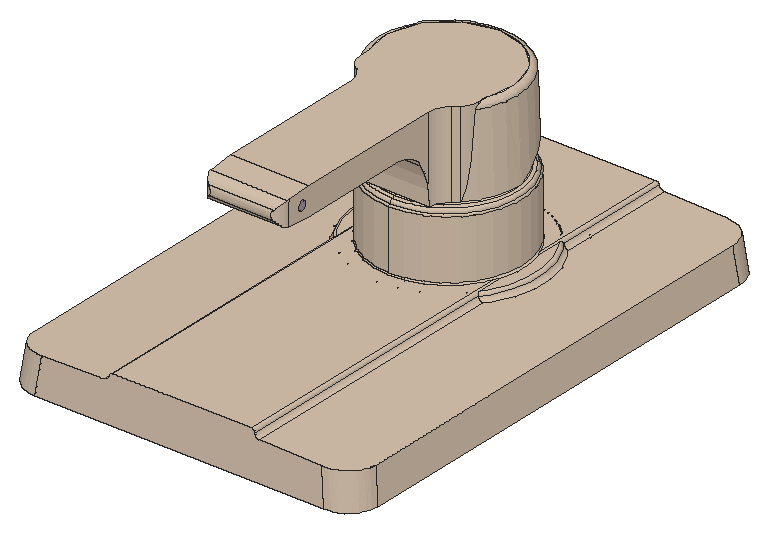
Revit family "Shower-Valve_Trim-KOHLER-Singulier-K-10880IN", category Specialty Equipment, host Face, Revit 2017
Family settings
  Host = Face
  Round Connector Dimension = Use Diameter
  Part Type = Normal
  OmniClass Number = 23.31.25.00
  OmniClass Title = Toilet and Bath Specialties
  Cut with Voids When Loaded = No
  Shared = No
  Room Calculation Point = No
Parameters (values of type "AF- French Gold")
  Width = 4 145/256"  # constant formula
  WaterSense Certified = 1 = 0  # no
  URL = "https://www.kohler.co.in/"
  Type = 1
  Product Page URL = "https://www.kohler.co.in/product-detail/10880in-4?skuid=K-10880IN-4-AF"
  Product Name = "Singulier\r\n"  # constant formula
  Product Documentation Link = ""
  Model = if(Type = 1, "K-10880IN-4-AF", if(Type = 2, "K-10880IN-4FP-CP", if(Type = 3, "K-10880IN-4FP-AF", "NA")))  # "K-10880IN-4-AF"
  Material = "Primium metal construction"  # constant formula
  Master Format 2014 Name = "Toilet, Bath, and Laundry Accessories"  # constant formula
  Master Format 2014 = "10 28 00"  # constant formula
  Manufacturer Address = "Ambience Office Tower NH-8 Gurgaon / Gurugram Haryana , 122001\r\n"  # constant formula
  Manufacturer = "KOHLER Co."  # constant formula
  Length = 2 167/256"  # constant formula
  Height = 6 177/256"  # constant formula
  Finish = Kohler-Metal-AF-Vibrant_French_Gold
  Environmental Product Declaration = ""
  Description = "Shower Only Trim"  # constant formula
  Default Elevation = 42"
  Declare Label = ""
  Date Modified = "03/12/2021"  # constant formula
  Date Created = "03/12/2021"  # constant formula
  Copyright = "Copyright KOHLER Co."  # constant formula
  Contact Us = "https://www.kohler.co.in/contact-us"
  Assembly Code = "C1030200"
  ADA Compliant = 1 = 0  # no
Types (4): name | Type | Product Page URL | Model | Finish
  (no name) | 1 | "https://www.kohler.co.in/product-detail/10880in-4?skuid=K-10880IN-4-AF" | "K-10880IN-4-AF" | Kohler-Metal-AF-Vibrant_French_Gold
  AF- French Gold | 1 | "https://www.kohler.co.in/product-detail/10880in-4?skuid=K-10880IN-4-AF" | "K-10880IN-4-AF" | Kohler-Metal-AF-Vibrant_French_Gold
  4FP, CP- Polished Chrome | 2 | "" | "K-10880IN-4FP-CP" | Kohler-Metal-CP-Polished_Chrome
  4FP, AF- French Gold | 3 | "" | "K-10880IN-4FP-AF" | Kohler-Metal-AF-Vibrant_French_Gold
Reference planes (in)
  plane 1 "Center (Front/Back)": y = 0
  plane 2: z = 0
  plane 3 "Center (Left/Right)": x = 0
  plane 4: y = 3.3457
  plane 5: y = -3.3457
  plane 6: x = -2.2832
  plane 7: x = 2.2832
  plane 8: z = 2.65234
  plane 9: y = 1.04331
  plane 10: y = -2.34252
Dimensions and locks (in)
  "Height": plane 5 to plane 4
  "Width": plane 6 to plane 7
  equal spacing: plane 5, plane 1 "Center (Front/Back)", plane 4
  equal spacing: plane 6, plane 3 "Center (Left/Right)", plane 7
  "Length": level to plane 8
  plane 9 to plane 10 = 3.38583"
  aligned and locked: plane 2 to host face
  aligned and locked: level to host face
  aligned and locked: plane 4 to nested 1
  aligned and locked: plane 5 to nested 1
  aligned and locked: plane 6 to nested 1
  aligned and locked: plane 7 to nested 1
  aligned and locked: plane 8 to nested 1
  aligned and locked: plane 9 to nested 1
  aligned and locked: plane 10 to nested 1
Automatic sketch dimensions
  host sketch curve to host sketch curve = 96"  (x2)
Nested families (in)
  nested 1: "K-10880IN" at (0.00026, -0.00075, -0.00107), type "K-10880IN"
Definition of nested family "K-10880IN"
  Parameters (values of type "K-10880IN")
    Material = none
  Reference planes (in)
    plane 1 "Center (Front/Back)": y = 0
    plane 2: z = 0
    plane 3 "Center (Left/Right)": x = 0
    plane 4: y = 3.34646
    plane 5: y = -3.34646
    plane 6: x = -2.28346
    plane 7: x = 2.28346
    plane 8 "1": y = 1.04331
    plane 9: z = 2.65341
    plane 10: y = -2.34252
  Forms (in)
    SweptBlend 1, solid, material <- "Material", detail levels medium+fine
      path origin (0, 0, 0) x (1, 0, 0) y (0, 0, 1)
        loop
          line (0, 0) -> (0, 0.59055)
      profile origin (0, 0, 0) x (-1, 0, 0) y (0, -1, 0)
        loop
          arc (1.88976, -3.34646) -> (2.16815, -3.23114) -> (2.28346, -2.95276) r 0.3937
          line (2.28346, -2.95276) -> (2.28346, 2.95276)
          arc (2.28346, 2.95276) -> (2.16815, 3.23114) -> (1.88976, 3.34646) r 0.3937
          line (1.88976, 3.34646) -> (-1.88976, 3.34646)
          arc (-1.88976, 3.34646) -> (-2.16815, 3.23114) -> (-2.28346, 2.95276) r 0.3937
          line (-2.28346, 2.95276) -> (-2.28346, -2.95276)
          arc (-2.28346, -2.95276) -> (-2.16815, -3.23114) -> (-1.88976, -3.34646) r 0.3937
          line (-1.88976, -3.34646) -> (1.88976, -3.34646)
      end profile origin (0, 0, 0.59055) x (-1, 0, 0) y (0, -1, 0)
        loop
          arc (1.81836, -3.29357) -> (2.09675, -3.17826) -> (2.21206, -2.89987) r 0.3937
          line (2.21206, -2.89987) -> (2.21206, 2.89961)
          arc (2.21206, 2.89961) -> (2.09675, 3.178) -> (1.81836, 3.29331) r 0.3937
          line (1.81836, 3.29331) -> (-1.81836, 3.29331)
          arc (-1.81836, 3.29331) -> (-2.09674, 3.178) -> (-2.21206, 2.89961) r 0.3937
          line (-2.21206, 2.89961) -> (-2.21206, -2.89987)
          arc (-2.21206, -2.89987) -> (-2.09674, -3.17826) -> (-1.81836, -3.29357) r 0.3937
          line (-1.81836, -3.29357) -> (1.81836, -3.29357)
    Extrusion 2, void
      sketch origin (0, 0, 0) x (1, 0, 0) y (0, 0, 1)
        loop
          line (2.59566, 0.4396) -> (2.59566, 0.75842) -> (-2.64178, 0.75842) -> (-2.64178, 0.43768)
          arc (-2.64178, 0.43768) -> (-1.83065, 0.4666) -> (-1.01922, 0.48503) r 62.75716
          arc (-1.01922, 0.48503) -> (-0.9708, 0.50351) -> (-0.94552, 0.54875) r 0.07592
          arc (-0.94552, 0.54875) -> (-0.93208, 0.5728) -> (-0.90633, 0.58261) r 0.04035
          arc (-0.90633, 0.58261) -> (-0.00003, 0.58972) -> (0.90627, 0.58265) r 57.92163
          arc (0.90627, 0.58265) -> (0.93326, 0.5723) -> (0.9472, 0.54697) r 0.04207
          arc (0.9472, 0.54697) -> (0.97136, 0.50303) -> (1.01817, 0.48504) r 0.073
          arc (1.01817, 0.48504) -> (1.80706, 0.46728) -> (2.59566, 0.4396) r 62.75716
      from -4.04299 to 3.66349
    Revolve 3, solid, material <- "Material", detail levels medium+fine
      sketch origin (0, 0, 0) x (0, 1, 0) y (0, 0, 1)
        loop
          arc (2.00787, 1.37323) -> (2.00235, 1.3889) -> (1.98822, 1.39764) r 0.02498
          arc (1.98822, 1.39764) -> (1.98062, 1.42785) -> (1.9552, 1.44585) r 0.04491
          line (1.9552, 1.44585) -> (1.90789, 1.45852)
          arc (1.90789, 1.45852) -> (1.8661, 1.48639) -> (1.84983, 1.53391) r 0.07833
          arc (1.84983, 1.53391) -> (1.61059, 2.09106) -> (1.04331, 2.30514) r 0.77455
          line (1.04331, 2.30514) -> (1.04331, 0.29362) -> (2.53985, 0.29362) -> (2.53985, 0.39443)
          arc (2.53985, 0.39443) -> (2.52867, 0.42524) -> (2.50033, 0.44169) r 0.04801
          line (2.50033, 0.44169) -> (2.29024, 0.47943)
          arc (2.29024, 0.47943) -> (2.24885, 0.50153) -> (2.22821, 0.54366) r 0.0763
          arc (2.22821, 0.54366) -> (2.21486, 0.56817) -> (2.18873, 0.578) r 0.04004
          arc (2.18873, 0.578) -> (2.10911, 0.57852) -> (2.02949, 0.57948) r 14.53707
          arc (2.02949, 0.57948) -> (2.01419, 0.58602) -> (2.00787, 0.60142) r 0.02194
          line (2.00787, 0.60142) -> (2.00787, 1.37323)
        axis (1.04331, 2.30514) -> (1.04331, 0.29362)
      angle from 0 to 360
    Revolve 4, solid, material <- "Material", detail levels medium+fine
      sketch origin (0, 0, 0) x (0, 1, 0) y (0, 0, 1)
        loop
          line (1.98166, 1.54134) -> (1.9515, 2.57742)
          arc (1.9515, 2.57742) -> (1.9278, 2.63129) -> (1.87326, 2.65341) r 0.07827
          line (1.87326, 2.65341) -> (1.03369, 2.65341) -> (1.03369, 1.54134) -> (1.98166, 1.54134)
        axis (1.03369, 2.65341) -> (1.03369, 1.54134)
      angle from 0 to 360
    Extrusion 5, void
      sketch origin (0, 0, 0) x (0, 1, 0) y (0, 0, 1)
        loop
          line (0.98895, 1.51482) -> (2.08275, 1.51482) -> (2.08275, 2.04836) -> (0.98895, 1.51482)
      from -1.19707 to 1.3425
    Revolve 6, solid, material <- "Material", detail levels medium+fine
      sketch origin (0, 0, 0) x (0, 1, 0) y (0, 0, 1)
        loop
          arc (2.02691, 2.26392) -> (1.99308, 2.37398) -> (1.89741, 2.43806) r 0.17206
          line (1.89741, 2.43806) -> (1.89741, 2.26392) -> (2.02691, 2.26392)
        axis (2.02691, 2.26392) -> (1.89741, 2.26392)
      angle from 0 to 360
    Extrusion 7, solid, material <- "Material", detail levels medium+fine
      sketch origin (0, 0, 0) x (1, 0, 0) y (0, 1, 0)
        loop
          line (-0.3492, -2.34638) -> (0.3492, -2.34638)
          arc (0.3492, -2.34638) -> (0.46056, -2.30026) -> (0.50668, -2.1889) r 0.15748
          line (0.50668, -2.1889) -> (0.50668, 0.07491)
          arc (0.50668, 0.07491) -> (0.53558, 0.20638) -> (0.61673, 0.31377) r 0.31496
          arc (0.61673, 0.31377) -> (0.655, 0.3484) -> (0.69132, 0.38506) r 0.94797
          arc (0.69132, 0.38506) -> (0.74784, 0.47419) -> (0.7676, 0.57786) r 0.28178
          line (0.7676, 0.57786) -> (0.7676, 0.87343) -> (-0.7676, 0.87343) -> (-0.7676, 0.57786)
          arc (-0.7676, 0.57786) -> (-0.74784, 0.47419) -> (-0.69132, 0.38506) r 0.28178
          arc (-0.69132, 0.38506) -> (-0.655, 0.3484) -> (-0.61673, 0.31377) r 0.94797
          arc (-0.61673, 0.31377) -> (-0.53552, 0.20623) -> (-0.50668, 0.07458) r 0.31496
          line (-0.50668, 0.07458) -> (-0.50668, -2.1889)
          arc (-0.50668, -2.1889) -> (-0.46056, -2.30026) -> (-0.3492, -2.34638) r 0.15748
      from 1.54134 to 2.65341
    Extrusion 8, void
      sketch origin (0, 0, 0) x (0, 1, 0) y (0, 0, 1)
        loop
          line (-1.86904, 2.65341) -> (-0.17696, 2.65341) -> (-0.17696, 3.25497) -> (-3.12972, 3.25497) -> (-3.12972, 1.4988) -> (0.10065, 1.4988)
          arc (0.10065, 1.4988) -> (0.07936, 1.79855) -> (-0.0351, 2.07641) r 0.94365
          arc (-0.0351, 2.07641) -> (-0.19524, 2.23019) -> (-0.41008, 2.2862) r 0.44002
          line (-0.41008, 2.2862) -> (-1.86428, 2.2862)
          arc (-1.86428, 2.2862) -> (-2.02747, 2.29303) -> (-2.18952, 2.31346) r 1.95379
          arc (-2.18952, 2.31346) -> (-2.26933, 2.34165) -> (-2.32618, 2.40435) r 0.17279
          arc (-2.32618, 2.40435) -> (-2.34252, 2.46937) -> (-2.32663, 2.5345) r 0.13944
          arc (-2.32663, 2.5345) -> (-2.27537, 2.59399) -> (-2.20307, 2.62464) r 0.17279
          arc (-2.20307, 2.62464) -> (-2.03668, 2.6462) -> (-1.86904, 2.65341) r 1.95379
      from -1.50105 to 1.75816
    Extrusion 9, void
      sketch origin (0, 0, 0) x (0, 1, 0) y (0, 0, 1)
        loop
          line (-0.43761, 1.90197) -> (-0.43761, 1.50827) -> (0.27954, 1.50827) -> (0.27954, 1.90197) -> (-0.43761, 1.90197)
      from -0.38902 to 0.31495
    Extrusion 10, solid, material <- "Material", detail levels coarse
      sketch origin (0, 0, 0) x (1, 0, 0) y (0, 1, 0)
        loop
          arc (-1.88976, 3.34646) -> (-2.16815, 3.23114) -> (-2.28346, 2.95276) r 0.3937
          line (-2.28346, 2.95276) -> (-2.28346, -2.95276)
          arc (-2.28346, -2.95276) -> (-2.16815, -3.23114) -> (-1.88976, -3.34646) r 0.3937
          line (-1.88976, -3.34646) -> (1.88976, -3.34646)
          arc (1.88976, -3.34646) -> (2.16815, -3.23114) -> (2.28346, -2.95276) r 0.3937
          line (2.28346, -2.95276) -> (2.28346, 2.95276)
          arc (2.28346, 2.95276) -> (2.16815, 3.23114) -> (1.88976, 3.34646) r 0.3937
          line (1.88976, 3.34646) -> (-1.88976, 3.34646)
      from 0 to 0.48477
    Extrusion 11, solid, material <- "Material", detail levels coarse
      sketch origin (0, 0, 0) x (1, 0, 0) y (0, 1, 0)
        loop
          line (-0.96455, 3.34646) -> (-0.96455, 1.78424)
          arc (-0.96455, 1.78424) -> (-1.17704, 1.03478) -> (-0.96455, 0.28532) r 1.42791
          line (-0.96455, 0.28532) -> (-0.96455, -3.34646) -> (0.96455, -3.34646) -> (0.96455, 0.32795)
          arc (0.96455, 0.32795) -> (1.17704, 1.07741) -> (0.96455, 1.82687) r 1.42791
          line (0.96455, 1.82687) -> (0.96455, 3.34646) -> (-0.96455, 3.34646)
      from 0 to 0.58977
    Revolve 12, solid, material <- "Material", detail levels coarse
      sketch origin (0, 0, 0) x (0, 1, 0) y (0, 0, 1)
        loop
          line (2.00787, 0.24445) -> (2.00787, 1.44167) -> (1.94437, 2.65341) -> (1.04331, 2.65341) -> (1.04331, 0.24445) -> (2.00787, 0.24445)
        axis (1.04331, 2.65341) -> (1.04331, 0.24445)
      angle from 0 to 360
    Extrusion 13, solid, material <- "Material", detail levels coarse
      sketch origin (0, 0, 0) x (0, 1, 0) y (0, 0, 1)
        loop
          line (0.64961, 2.2862) -> (0.64961, 2.65341) -> (-2.34252, 2.65341) -> (-2.34252, 2.2862) -> (0.64961, 2.2862)
      from -0.50668 to 0.50668
    Extrusion 14, solid, detail levels medium+fine
      sketch origin (0, 0, 0) x (0, 1, 0) y (0, 0, 1)
        loop
          circle (-1.98073, 2.46874) r 0.0565
      from 0.33928 to 0.507
    Extrusion 15, solid, detail levels medium+fine
      sketch origin (0, 0, 0) x (0, 1, 0) y (0, 0, -1)
        loop
          circle (-1.98073, -2.46874) r 0.0565
      from 0.33928 to 0.507
  Cuts and joins
    Extrusion 2, Extrusion 5 cuts SweptBlend 1
    Extrusion 5, Extrusion 9 cuts Revolve 4
    Extrusion 9 cuts Revolve 6
    Extrusion 8 cuts Extrusion 7
    joined: Revolve 3, Revolve 4, Revolve 6, Extrusion 7
    joined: Extrusion 10, Extrusion 11, Revolve 12, Extrusion 13
  Lines and regions (in)
    Masking region 1
      outline origin (0, 0, 0) x (1, 0, 0) y (0, 1, 0)
        loop
          arc (-1.89084, 3.34646) -> (-2.16847, 3.23146) -> (-2.28346, 2.95383) r 0.39263
          line (-2.28346, 2.95383) -> (-2.28346, -2.95383)
          arc (-2.28346, -2.95383) -> (-2.16847, -3.23146) -> (-1.89084, -3.34646) r 0.39263
          line (-1.89084, -3.34646) -> (1.89084, -3.34646)
          arc (1.89084, -3.34646) -> (2.16847, -3.23146) -> (2.28346, -2.95383) r 0.39263
          line (2.28346, -2.95383) -> (2.28346, 2.95383)
          arc (2.28346, 2.95383) -> (2.16847, 3.23146) -> (1.89084, 3.34646) r 0.39263
          line (1.89084, 3.34646) -> (-1.89084, 3.34646)
    Masking region 2
      outline origin (0, 0, 0) x (1, 0, 0) y (0, 0, 1)
        loop
          arc (0.96457, 1.37471) -> (0.95904, 1.39038) -> (0.94491, 1.39912) r 0.02498
          arc (0.94491, 1.39912) -> (0.93732, 1.42933) -> (0.91189, 1.44733) r 0.04491
          line (0.91189, 1.44733) -> (0.86458, 1.46001)
          arc (0.86458, 1.46001) -> (0.82102, 1.49026) -> (0.80673, 1.54134) r 0.07833
          line (0.80673, 1.54134) -> (0.94797, 1.54134) -> (0.91781, 2.57742)
          arc (0.91781, 2.57742) -> (0.89411, 2.63129) -> (0.83957, 2.65341) r 0.07827
          line (0.83957, 2.65341) -> (0, 2.65341) -> (-0.83957, 2.65341)
          arc (-0.83957, 2.65341) -> (-0.89411, 2.63129) -> (-0.91781, 2.57742) r 0.07827
          line (-0.91781, 2.57742) -> (-0.94797, 1.54134) -> (-0.80673, 1.54134)
          arc (-0.80673, 1.54134) -> (-0.82102, 1.49026) -> (-0.86458, 1.46001) r 0.07833
          line (-0.86458, 1.46001) -> (-0.91189, 1.44733)
          arc (-0.91189, 1.44733) -> (-0.93732, 1.42933) -> (-0.94491, 1.39912) r 0.04491
          arc (-0.94491, 1.39912) -> (-0.95904, 1.39038) -> (-0.96457, 1.37471) r 0.02498
          line (-0.96457, 1.37471) -> (-0.96457, 0.6029)
          arc (-0.96457, 0.6029) -> (-0.97088, 0.5875) -> (-0.98619, 0.58096) r 0.02194
          arc (-0.98619, 0.58096) -> (-1.0658, 0.58) -> (-1.14543, 0.57948) r 14.53707
          arc (-1.14543, 0.57948) -> (-1.17155, 0.56965) -> (-1.1849, 0.54514) r 0.04004
          arc (-1.1849, 0.54514) -> (-1.20554, 0.50301) -> (-1.24693, 0.48091) r 0.0763
          arc (-1.24693, 0.48091) -> (-1.71337, 0.46979) -> (-2.17972, 0.45541) r 67.07927
          arc (-2.17972, 0.45541) -> (-2.21638, 0.44042) -> (-2.23447, 0.40518) r 0.05713
          line (-2.23447, 0.40518) -> (-2.28346, 0) -> (0, 0) -> (2.28346, 0) -> (2.23447, 0.40518)
          arc (2.23447, 0.40518) -> (2.21638, 0.44042) -> (2.17972, 0.45541) r 0.05713
          arc (2.17972, 0.45541) -> (1.71337, 0.46979) -> (1.24693, 0.48091) r 67.07927
          arc (1.24693, 0.48091) -> (1.20554, 0.50301) -> (1.1849, 0.54514) r 0.0763
          arc (1.1849, 0.54514) -> (1.17155, 0.56965) -> (1.14543, 0.57948) r 0.04004
          arc (1.14543, 0.57948) -> (1.0658, 0.58) -> (0.98619, 0.58096) r 14.53707
          arc (0.98619, 0.58096) -> (0.97088, 0.5875) -> (0.96457, 0.6029) r 0.02194
          line (0.96457, 0.6029) -> (0.96457, 1.37471)
    Masking region 3
      outline origin (0, 0, 0) x (0, 1, 0) y (0, 0, 1)
        loop
          line (-3.29836, 0.5344) -> (-3.34646, 0) -> (3.34646, 0) -> (3.29851, 0.53543)
          arc (3.29851, 0.53543) -> (3.27936, 0.57411) -> (3.23913, 0.58972) r 0.05961
          line (3.23913, 0.58972) -> (2.00787, 0.58972) -> (2.00787, 1.37323)
          arc (2.00787, 1.37323) -> (2.00262, 1.38912) -> (1.98822, 1.39764) r 0.02384
          arc (1.98822, 1.39764) -> (1.98047, 1.4279) -> (1.95494, 1.44592) r 0.04522
          line (1.95494, 1.44592) -> (1.90797, 1.4585)
          arc (1.90797, 1.4585) -> (1.86561, 1.48683) -> (1.8493, 1.53511) r 0.07916
          arc (1.8493, 1.53511) -> (1.82707, 1.71869) -> (1.761, 1.89142) r 0.75735
          line (1.761, 1.89142) -> (1.96852, 1.99264) -> (1.96472, 2.124)
          arc (1.96472, 2.124) -> (2.02794, 2.2691) -> (1.95643, 2.41029) r 0.18585
          line (1.95643, 2.41029) -> (1.95159, 2.57742)
          arc (1.95159, 2.57742) -> (1.9279, 2.63128) -> (1.87337, 2.65341) r 0.07825
          line (1.87337, 2.65341) -> (-1.86904, 2.65341)
          arc (-1.86904, 2.65341) -> (-2.03668, 2.6462) -> (-2.20307, 2.62464) r 1.95379
          arc (-2.20307, 2.62464) -> (-2.27537, 2.59399) -> (-2.32663, 2.5345) r 0.17279
          arc (-2.32663, 2.5345) -> (-2.34252, 2.46937) -> (-2.32618, 2.40435) r 0.13944
          arc (-2.32618, 2.40435) -> (-2.26933, 2.34165) -> (-2.18952, 2.31346) r 0.17279
          arc (-2.18952, 2.31346) -> (-2.02747, 2.29303) -> (-1.86428, 2.2862) r 1.95379
          line (-1.86428, 2.2862) -> (-0.41008, 2.2862)
          arc (-0.41008, 2.2862) -> (-0.19524, 2.23019) -> (-0.0351, 2.07641) r 0.44002
          arc (-0.0351, 2.07641) -> (0.07424, 1.81925) -> (0.10348, 1.54134) r 0.94365
          line (0.10348, 1.54134) -> (0.23706, 1.54134)
          arc (0.23706, 1.54134) -> (0.22285, 1.48935) -> (0.17864, 1.4585) r 0.07916
          line (0.17864, 1.4585) -> (0.13167, 1.44592)
          arc (0.13167, 1.44592) -> (0.10615, 1.4279) -> (0.09839, 1.39764) r 0.04522
          arc (0.09839, 1.39764) -> (0.08399, 1.38912) -> (0.07874, 1.37323) r 0.02384
          line (0.07874, 1.37323) -> (0.07874, 0.58972) -> (-3.23783, 0.58972)
          arc (-3.23783, 0.58972) -> (-3.27883, 0.57381) -> (-3.29836, 0.5344) r 0.06077
    symbolic lines, detail levels medium+fine
      curve 1: line (0.50668, -2.22441, 0) -> (0.50668, 0.07388, 0)
      curve 2: line (-0.50668, 0.07347, 0) -> (-0.50668, -2.22441, 0)
      curve 3: line (-0.38857, -2.34252, 0) -> (0.38857, -2.34252, 0)
      curve 4: arc (-0.50668, -2.22441, 0) -> (-0.47209, -2.30793, 0) -> (-0.38857, -2.34252, 0) r 0.11811
      curve 5: arc (0.38857, -2.34252, 0) -> (0.47209, -2.30793, 0) -> (0.50668, -2.22441, 0) r 0.11811
      curve 6: line (-2.2286, -2.92005, 0) -> (-2.2286, 2.92005, 0)
      curve 7: spline (-2.2286, 2.92005, 0) -> (-2.2242, 2.97066, 0) -> (-2.21331, 3.02028, 0) -> (-2.19611, 3.06808, 0) -> (-2.17291, 3.11327, 0) -> (-2.14407, 3.15508, 0) -> (-2.11009, 3.19283, 0) -> (-2.07152, 3.22587, 0) -> (-2.02902, 3.25367, 0) -> (-1.98329, 3.27576, 0) -> (-1.9351, 3.29177, 0) -> (-1.88525, 3.30142, 0) -> (-1.83456, 3.30457, 0)
      curve 8: spline (-1.83456, 3.30468, 0) -> (-1.76664, 3.30451, 0) -> (-1.69871, 3.30434, 0) -> (-1.63078, 3.30418, 0) -> (-1.56285, 3.30402, 0) -> (-1.49492, 3.30387, 0) -> (-1.42699, 3.30373, 0) -> (-1.35905, 3.3036, 0) -> (-1.29111, 3.30347, 0) -> (-1.22317, 3.30335, 0) -> (-1.15523, 3.30323, 0) -> (-1.08729, 3.30312, 0) -> (-1.01935, 3.30302, 0)
      curve 9: spline (-1.01935, 3.30302, 0) -> (-1.01053, 3.30296, 0) -> (-1.00184, 3.30281, 0) -> (-0.99341, 3.30257, 0) -> (-0.98535, 3.30225, 0) -> (-0.97777, 3.30184, 0) -> (-0.97076, 3.30136, 0) -> (-0.96443, 3.30081, 0) -> (-0.95886, 3.3002, 0) -> (-0.95412, 3.29953, 0) -> (-0.95029, 3.29882, 0) -> (-0.94741, 3.29807, 0) -> (-0.94551, 3.2973, 0)
      curve 10: spline (-0.94551, 3.29731, 0) -> (-0.9445, 3.2969, 0) -> (-0.94297, 3.29651, 0) -> (-0.94092, 3.29613, 0) -> (-0.93841, 3.29578, 0) -> (-0.93544, 3.29545, 0) -> (-0.93208, 3.29516, 0) -> (-0.92835, 3.2949, 0) -> (-0.92432, 3.29469, 0) -> (-0.92004, 3.29452, 0) -> (-0.91556, 3.29439, 0) -> (-0.91094, 3.29431, 0) -> (-0.90626, 3.29428, 0)
      curve 11: spline (-0.90626, 3.29428, 0) -> (-0.75523, 3.29409, 0) -> (-0.6042, 3.29393, 0) -> (-0.45316, 3.2938, 0) -> (-0.30212, 3.29371, 0) -> (-0.15107, 3.29366, 0) -> (-0.00003, 3.29364, 0) -> (0.15102, 3.29366, 0) -> (0.30206, 3.29371, 0) -> (0.4531, 3.2938, 0) -> (0.60414, 3.29392, 0) -> (0.75517, 3.29408, 0) -> (0.9062, 3.29428, 0)
      curve 12: spline (0.9062, 3.29428, 0) -> (0.91112, 3.29431, 0) -> (0.91596, 3.29439, 0) -> (0.92066, 3.29453, 0) -> (0.92515, 3.29471, 0) -> (0.92937, 3.29493, 0) -> (0.93326, 3.2952, 0) -> (0.93678, 3.29551, 0) -> (0.93987, 3.29586, 0) -> (0.94248, 3.29623, 0) -> (0.9446, 3.29663, 0) -> (0.94617, 3.29704, 0) -> (0.94719, 3.29747, 0)
      curve 13: spline (0.9472, 3.29747, 0) -> (0.94896, 3.29821, 0) -> (0.95168, 3.29894, 0) -> (0.95534, 3.29963, 0) -> (0.95988, 3.30027, 0) -> (0.96523, 3.30087, 0) -> (0.97133, 3.30141, 0) -> (0.97809, 3.30187, 0) -> (0.98541, 3.30227, 0) -> (0.9932, 3.30258, 0) -> (1.00136, 3.30282, 0) -> (1.00976, 3.30296, 0) -> (1.01829, 3.30302, 0)
      curve 14: spline (1.01829, 3.30302, 0) -> (1.08633, 3.30312, 0) -> (1.15436, 3.30323, 0) -> (1.22238, 3.30334, 0) -> (1.29041, 3.30347, 0) -> (1.35844, 3.3036, 0) -> (1.42646, 3.30373, 0) -> (1.49448, 3.30387, 0) -> (1.5625, 3.30402, 0) -> (1.63052, 3.30418, 0) -> (1.69854, 3.30434, 0) -> (1.76655, 3.30451, 0) -> (1.83456, 3.30468, 0)
      curve 15: spline (1.83456, 3.30457, 0) -> (1.88524, 3.30142, 0) -> (1.9351, 3.29177, 0) -> (1.98329, 3.27576, 0) -> (2.02901, 3.25367, 0) -> (2.07151, 3.22587, 0) -> (2.11008, 3.19282, 0) -> (2.14406, 3.15507, 0) -> (2.1729, 3.11325, 0) -> (2.19611, 3.06807, 0) -> (2.2133, 3.02026, 0) -> (2.22419, 2.97064, 0) -> (2.2286, 2.92003, 0)
      curve 16: line (2.2286, 2.92003, 0) -> (2.2286, -2.92005, 0)
      curve 17: spline (-2.2286, -2.92005, 0) -> (-2.2242, -2.97066, 0) -> (-2.21331, -3.02028, 0) -> (-2.19611, -3.06808, 0) -> (-2.17291, -3.11327, 0) -> (-2.14407, -3.15508, 0) -> (-2.11009, -3.19283, 0) -> (-2.07152, -3.22587, 0) -> (-2.02902, -3.25367, 0) -> (-1.98329, -3.27576, 0) -> (-1.9351, -3.29177, 0) -> (-1.88525, -3.30142, 0) -> (-1.83456, -3.30457, 0)
      curve 18: spline (-1.83456, -3.30468, 0) -> (-1.76664, -3.30451, 0) -> (-1.69871, -3.30434, 0) -> (-1.63078, -3.30418, 0) -> (-1.56285, -3.30402, 0) -> (-1.49492, -3.30387, 0) -> (-1.42699, -3.30373, 0) -> (-1.35905, -3.3036, 0) -> (-1.29111, -3.30347, 0) -> (-1.22317, -3.30335, 0) -> (-1.15523, -3.30323, 0) -> (-1.08729, -3.30312, 0) -> (-1.01935, -3.30302, 0)
      curve 19: spline (-1.01935, -3.30302, 0) -> (-1.01053, -3.30296, 0) -> (-1.00184, -3.30281, 0) -> (-0.99341, -3.30257, 0) -> (-0.98535, -3.30225, 0) -> (-0.97777, -3.30184, 0) -> (-0.97076, -3.30136, 0) -> (-0.96443, -3.30081, 0) -> (-0.95886, -3.3002, 0) -> (-0.95412, -3.29953, 0) -> (-0.95029, -3.29882, 0) -> (-0.94741, -3.29807, 0) -> (-0.94551, -3.2973, 0)
      curve 20: spline (-0.94551, -3.29731, 0) -> (-0.9445, -3.2969, 0) -> (-0.94297, -3.29651, 0) -> (-0.94092, -3.29613, 0) -> (-0.93841, -3.29578, 0) -> (-0.93544, -3.29545, 0) -> (-0.93208, -3.29516, 0) -> (-0.92835, -3.2949, 0) -> (-0.92432, -3.29469, 0) -> (-0.92004, -3.29452, 0) -> (-0.91556, -3.29439, 0) -> (-0.91094, -3.29431, 0) -> (-0.90626, -3.29428, 0)
      curve 21: spline (-0.90626, -3.29428, 0) -> (-0.75523, -3.29409, 0) -> (-0.6042, -3.29393, 0) -> (-0.45316, -3.2938, 0) -> (-0.30212, -3.29371, 0) -> (-0.15107, -3.29366, 0) -> (-0.00003, -3.29364, 0) -> (0.15102, -3.29366, 0) -> (0.30206, -3.29371, 0) -> (0.4531, -3.2938, 0) -> (0.60414, -3.29392, 0) -> (0.75517, -3.29408, 0) -> (0.9062, -3.29428, 0)
      curve 22: spline (0.9062, -3.29428, 0) -> (0.91112, -3.29431, 0) -> (0.91596, -3.29439, 0) -> (0.92066, -3.29453, 0) -> (0.92515, -3.29471, 0) -> (0.92937, -3.29493, 0) -> (0.93326, -3.2952, 0) -> (0.93678, -3.29551, 0) -> (0.93987, -3.29586, 0) -> (0.94248, -3.29623, 0) -> (0.9446, -3.29663, 0) -> (0.94617, -3.29704, 0) -> (0.94719, -3.29747, 0)
      curve 23: spline (0.9472, -3.29747, 0) -> (0.94896, -3.29821, 0) -> (0.95168, -3.29894, 0) -> (0.95534, -3.29963, 0) -> (0.95988, -3.30027, 0) -> (0.96523, -3.30087, 0) -> (0.97133, -3.30141, 0) -> (0.97809, -3.30187, 0) -> (0.98541, -3.30227, 0) -> (0.9932, -3.30258, 0) -> (1.00136, -3.30282, 0) -> (1.00976, -3.30296, 0) -> (1.01829, -3.30302, 0)
      curve 24: spline (1.01829, -3.30302, 0) -> (1.08633, -3.30312, 0) -> (1.15436, -3.30323, 0) -> (1.22238, -3.30334, 0) -> (1.29041, -3.30347, 0) -> (1.35844, -3.3036, 0) -> (1.42646, -3.30373, 0) -> (1.49448, -3.30387, 0) -> (1.5625, -3.30402, 0) -> (1.63052, -3.30418, 0) -> (1.69854, -3.30434, 0) -> (1.76655, -3.30451, 0) -> (1.83456, -3.30468, 0)
      curve 25: spline (1.83456, -3.30457, 0) -> (1.88524, -3.30142, 0) -> (1.93509, -3.29177, 0) -> (1.98328, -3.27576, 0) -> (2.02901, -3.25367, 0) -> (2.07151, -3.22587, 0) -> (2.11007, -3.19283, 0) -> (2.14405, -3.15508, 0) -> (2.17289, -3.11327, 0) -> (2.1961, -3.06808, 0) -> (2.2133, -3.02028, 0) -> (2.22419, -2.97066, 0) -> (2.2286, -2.92005, 0)
      curve 26: arc (0.6337, 0.36693, 0) -> (0.00014, 1.97016, 0) -> (-0.63391, 0.36712, 0) r 0.92685
      curve 27: arc (-0.63391, 0.36712, 0) -> (-0.53986, 0.23348, 0) -> (-0.50668, 0.07347, 0) r 0.40252
      curve 28: arc (0.50668, 0.07388, 0) -> (0.5398, 0.23358, 0) -> (0.6337, 0.36693, 0) r 0.40157
      curve 29: arc (0.56353, 0.21245, 0) -> (0, 2.04724, 0) -> (-0.56353, 0.21245, 0) r 1.00394
      curve 30: arc (-0.56353, 0.21245, 0) -> (-0.51879, 0.13552, 0) -> (-0.50668, 0.04735, 0) r 0.22945
      curve 31: arc (0.56353, 0.21245, 0) -> (0.51879, 0.13552, 0) -> (0.50668, 0.04734, 0) r 0.22945
      curve 32: arc (-0.13452, 1.97016, 0) -> (0, 2.02876, 0) -> (0.13452, 1.97016, 0) r 0.1837
      curve 33: line (0.13452, 1.97016, 0) -> (-0.13452, 1.97016, 0)
      curve 34: line (-0.90913, 3.29433, 0) -> (-0.90913, 1.8773, 0)
      curve 35: arc (-0.94753, 1.72659, 0) -> (-1.12162, 1.04331, 0) -> (-0.94753, 0.36003, 0) r 1.42791
      curve 36: line (-0.90913, 0.20932, 0) -> (-0.90913, -3.29433, 0)
      curve 37: arc (-0.94753, 0.36003, 0) -> (-0.91888, 0.28708, 0) -> (-0.90913, 0.20932, 0) r 0.31496
      curve 38: arc (-0.90913, 1.8773, 0) -> (-0.91888, 1.79953, 0) -> (-0.94753, 1.72659, 0) r 0.31496
      curve 39: line (0.90913, 3.29433, 0) -> (0.90913, 1.8773, 0)
      curve 40: arc (0.94753, 1.72659, 0) -> (1.12162, 1.04331, 0) -> (0.94753, 0.36003, 0) r 1.42791
      curve 41: line (0.90913, 0.20932, 0) -> (0.90913, -3.29433, 0)
      curve 42: arc (0.94753, 0.36003, 0) -> (0.91888, 0.28708, 0) -> (0.90913, 0.20932, 0) r 0.31496
      curve 43: arc (0.90913, 1.8773, 0) -> (0.91888, 1.79953, 0) -> (0.94753, 1.72659, 0) r 0.31496
      curve 44: line (-2.2286, -2.92005, 0) -> (-2.28346, -2.95383, 0)
      curve 45: line (-1.88976, -3.34646, 0) -> (-1.83456, -3.30457, 0)
      curve 46: line (2.2286, -2.92005, 0) -> (2.28346, -2.95383, 0)
      curve 47: line (1.88976, -3.34646, 0) -> (1.83456, -3.30457, 0)
      curve 48: line (-2.2286, 2.92005, 0) -> (-2.28346, 2.95383, 0)
      curve 49: line (-1.88976, 3.34646, 0) -> (-1.83456, 3.30457, 0)
      curve 50: line (2.2286, 2.92005, 0) -> (2.28346, 2.95383, 0)
      curve 51: line (1.88976, 3.34646, 0) -> (1.83456, 3.30457, 0)
      curve 52: spline (0.15181, 0, 2.26715) -> (0.14663, 0, 2.3042) -> (0.13146, 0, 2.33872) -> (0.10733, 0, 2.36837) -> (0.07588, 0, 2.39112) -> (0.03925, 0, 2.40542) -> (-0.00005, 0, 2.4103) -> (-0.03936, 0, 2.40542) -> (-0.07598, 0, 2.39112) -> (-0.10743, 0, 2.36837) -> (-0.13157, 0, 2.33872) -> (-0.14674, 0, 2.3042) -> (-0.15191, 0, 2.26715) -> (-0.14674, 0, 2.23009) -> (-0.13157, 0, 2.19557) -> (-0.10743, 0, 2.16592) -> (-0.07598, 0, 2.14317) -> (-0.03936, 0, 2.12887) -> (-0.00005, 0, 2.12399) -> (0.03925, 0, 2.12887) -> (0.07588, 0, 2.14317) -> (0.10733, 0, 2.16592) -> (0.13146, 0, 2.19557) -> (0.14663, 0, 2.23009) -> (0.15181, 0, 2.26715)
      curve 53: spline (0.94791, 0, 1.54142) -> (0.94385, 0, 1.59782) -> (0.92326, 0, 1.65354) -> (0.88647, 0, 1.70765) -> (0.8341, 0, 1.75926) -> (0.767, 0, 1.80752) -> (0.68628, 0, 1.85165) -> (0.59326, 0, 1.89091) -> (0.48948, 0, 1.92465) -> (0.37665, 0, 1.95233) -> (0.25661, 0, 1.97349) -> (0.13134, 0, 1.98777) -> (0.00292, 0, 1.99495)
      curve 54: spline (0.00292, 0, 1.99495) -> (-0.1263, 0, 1.98777) -> (-0.25234, 0, 1.97349) -> (-0.37311, 0, 1.95233) -> (-0.48665, 0, 1.92465) -> (-0.59106, 0, 1.89091) -> (-0.68465, 0, 1.85165) -> (-0.76587, 0, 1.80752) -> (-0.83338, 0, 1.75926) -> (-0.88608, 0, 1.70765) -> (-0.92309, 0, 1.65354) -> (-0.94381, 0, 1.59782) -> (-0.94789, 0, 1.54142)
      curve 55: spline (0.80663, 0, 1.54134) -> (0.79896, 0, 1.5872) -> (0.77776, 0, 1.63224) -> (0.74337, 0, 1.67569) -> (0.69639, 0, 1.7168) -> (0.63761, 0, 1.75489) -> (0.56802, 0, 1.7893) -> (0.48882, 0, 1.81945) -> (0.40134, 0, 1.84483) -> (0.30708, 0, 1.865) -> (0.20763, 0, 1.87963) -> (0.10469, 0, 1.88846) -> (0, 0, 1.89134)
      curve 56: spline (0, 0, 1.89134) -> (-0.10469, 0, 1.88846) -> (-0.20763, 0, 1.87963) -> (-0.30708, 0, 1.865) -> (-0.40134, 0, 1.84483) -> (-0.48882, 0, 1.81945) -> (-0.56802, 0, 1.7893) -> (-0.63761, 0, 1.75489) -> (-0.69639, 0, 1.7168) -> (-0.74337, 0, 1.67569) -> (-0.77776, 0, 1.63224) -> (-0.79896, 0, 1.5872) -> (-0.80663, 0, 1.54134)
      curve 57: line (0.94491, 0, 1.39764) -> (-0.94491, 0, 1.39764)
      curve 58: arc (-0.90804, 0, 0.58259) -> (-0.00088, 0, 0.58972) -> (0.90627, 0, 0.58265) r 57.92163
      curve 59: arc (1.12666, 0, 0.48287) -> (1.18472, 0, 0.4818) -> (1.24278, 0, 0.48068) r 62.75716
      curve 60: arc (0.9472, 0, 0.54697) -> (0.97126, 0, 0.50312) -> (1.01789, 0, 0.48505) r 0.073
      curve 61: arc (0.90627, 0, 0.58265) -> (0.93326, 0, 0.5723) -> (0.9472, 0, 0.54697) r 0.04207
      curve 62: line (1.12666, 0, 0.48287) -> (1.01789, 0, 0.48505)
      curve 63: arc (-1.12666, 0, 0.48287) -> (-1.18472, 0, 0.4818) -> (-1.24278, 0, 0.48068) r 62.75716
      curve 64: arc (-0.9472, 0, 0.54697) -> (-0.97126, 0, 0.50312) -> (-1.01789, 0, 0.48505) r 0.073
      curve 65: arc (-0.90804, 0, 0.58259) -> (-0.93392, 0, 0.57171) -> (-0.9472, 0, 0.54697) r 0.04207
      curve 66: line (-1.12666, 0, 0.48287) -> (-1.01789, 0, 0.48505)
      curve 67: line (0.90627, 0, 0.58265) -> (0.98623, 0, 0.58096)
      curve 68: line (-0.90627, 0, 0.58265) -> (-0.98623, 0, 0.58096)
      curve 69: arc (-0.29003, 0, -38.78264) -> (0.00052, 0, -38.78035) -> (0.29108, 0, -38.78262) r 18.55155
      curve 70: line (0, 1.98822, 1.39764) -> (0, 0.09839, 1.39764)
      curve 71: line (0, 1.761, 1.89142) -> (0, 1.04331, 1.54134)
      curve 72: line (0, 1.04331, 1.54134) -> (0, 0.23684, 1.54134)
      curve 73: arc (0, 1.95643, 2.41029) -> (0, 1.9417, 2.2666) -> (0, 1.96472, 2.124) r 0.55241
      curve 74: spline (0, 2.91299, 0.45372) -> (0, 2.95439, 0.45392) -> (0, 2.99531, 0.45425) -> (0, 3.0353, 0.45469) -> (0, 3.0739, 0.45526) -> (0, 3.1107, 0.45593) -> (0, 3.14529, 0.45671) -> (0, 3.17727, 0.45758) -> (0, 3.20629, 0.45854) -> (0, 3.23204, 0.45957) -> (0, 3.25422, 0.46067) -> (0, 3.27259, 0.46181) -> (0, 3.28694, 0.46299)
      curve 75: line (0, -2.91973, 0.45372) -> (0, 2.91299, 0.45372)
      curve 76: spline (0, -3.27206, 0.46139) -> (0, -3.25561, 0.46031) -> (0, -3.23606, 0.45928) -> (0, -3.21357, 0.45831) -> (0, -3.18835, 0.45742) -> (0, -3.16062, 0.45661) -> (0, -3.13065, 0.45589) -> (0, -3.09869, 0.45526) -> (0, -3.06503, 0.45473) -> (0, -3.02999, 0.45431) -> (0, -2.99387, 0.454) -> (0, -2.95701, 0.4538) -> (0, -2.91973, 0.45372)
      curve 77: arc (0, -3.27206, 0.46139) -> (0, -3.2885, 0.46248) -> (0, -3.30447, 0.46652) r 0.09079
      curve 78: arc (0, 3.26867, 0.46154) -> (0, 3.28693, 0.46225) -> (0, 3.30467, 0.46659) r 0.09079
      curve 79: line (0, 2.00787, 0.58972) -> (0, 0.07874, 0.58972)
      curve 80: line (-2.23447, 0, 0.40518) -> (2.23447, 0, 0.40518)
      curve 81: line (-1.01789, 0, 0.48505) -> (1.01789, 0, 0.48505)
      curve 82: circle (0, -1.98073, 2.46874) r 0.0565 normal (-1, 0, 0)
  Dimensions and locks (in)
    plane 4 to plane 5 = 6.69291"
    plane 6 to plane 7 = 4.56693"
    plane 9 to level = 2.65341"
    plane 10 to plane 8 "1" = 3.38583"
    aligned and locked: plane 2 to level
